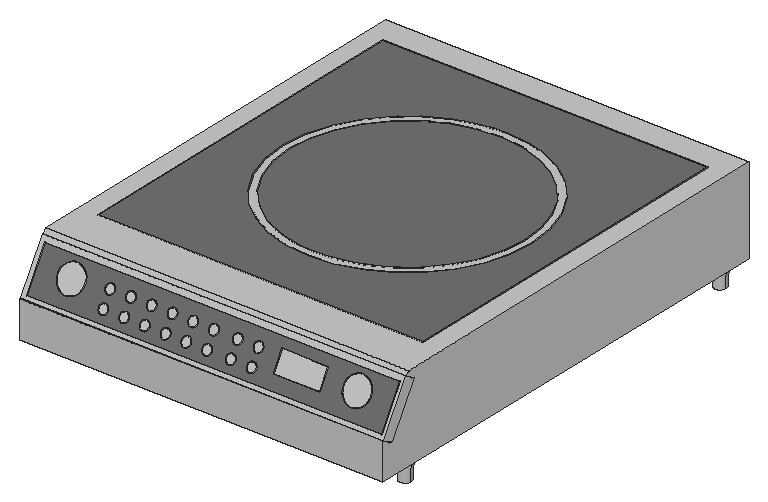
Revit family "QF_Vollrath_6950020", category Specialty Equipment, Revit 2016
Family settings
  Part Type = Normal
  Round Connector Dimension = Use Diameter
  OmniClass Number = 23.40.40.14.17.14
  OmniClass Title = Hot Plates
  Work Plane-Based = No
  Always vertical = Yes
  Cut with Voids When Loaded = No
  Shared = No
  Room Calculation Point = No
Parameters (values of type "6950020")
  Weight in Pounds = 16
  Watts = 1800 W
  Watermarked By = "http://revitwatermark.com"
  Volts = 120 V
  URL Cutsheet = ""
  URL = "www.vollrathco.com"
  Status [instance] = ""
  Specification by User [instance] = ""
  Specification by Manufacturer = ""
  Serial Number [instance] = ""
  Seismic Rating [instance] = ""
  Revision Code [instance] = ""
  Phase = 1
  Number of Poles [instance] = 1
  NAFEM Spec ID Number [instance] = ""
  Model = "6950020"
  Masterspec = ""
  Manufacturer = "Vollrath"
  Item Number [instance] = ""
  Installed By [instance] = ""
  Height AFF [instance] = 36.00"
  Furnished By [instance] = ""
  Foodservice Equipment Identifier [instance] = yes
  FL Amps = 15 A
  Electrical Remarks [instance] = ""
  Electric Connection Type [instance] = ""
  Elec Conn RI Height [instance] = 0.00"
  Elec Conn Connection Height [instance] = Height AFF + 2.00"  # 38.00"
  Description = "Induction Range, Countertop"
  Cycle = 60 Hz
  Conn Plug = "NEMA 5-15P"
  CSI MasterFormat = "11 42 13"
  Assembly Code = "E1090320"
  Apparent Power = if(Phase = 3, Volts * FL Amps * 1.73, Volts * FL Amps)  # 1800 VA
Reference planes (in)
  plane 1: z = 0
  plane 2 "LEFT": x = 48
  plane 3 "BACK": y = -50.065
  plane 4 "BOTTOM": z = 36
  plane 5 "FRONT": y = -66.565
  plane 6 "TOP": z = 40
  plane 7: z = 36.88
  plane 8: y = -46.065
  plane 9: z = 37.38
  plane 10: z = 13.68
  plane 11: z = 39.28691
  plane 12 "RIGHT": x = 61.125
  plane 13: x = 60.97678
  plane 14: y = -63.895
  plane 15: x = 60.375
Forms (in)
  Blend 1, solid, material "QF_Finishes_Stainless Steel"
    base sketch origin (0, 0, 0) x (1, 0, 0) y (0, 1, 0)
      loop
        circle (48.59304, -50.57669) r 0.20891
    top sketch origin (0, 0, 0) x (1, 0, 0) y (0, 1, 0)
      loop
        circle (48.59304, -50.57669) r 0.25
    from 36 to 36.88
  Blend 2, solid, material "QF_Finishes_Stainless Steel"
    base sketch origin (0, -16.25, 0) x (1, 0, 0) y (0, 1, 0)
      loop
        circle (48.59304, -48.57669) r 0.20891
    top sketch origin (0, -16.25, 0) x (1, 0, 0) y (0, 1, 0)
      loop
        circle (48.59304, -48.57669) r 0.25
    from 36 to 36.88
  Extrusion 3, solid, material "QF_Finishes_Stainless Steel"
    sketch origin (48, 0, -0.15599) x (0, 1, 0) y (0, 0, 1)
      loop
        line (-63.895, 40.15599) -> (-65.42951, 40.15599) -> (-65.51415, 40.0094) -> (-65.19261, 39.82376) -> (-66.16748, 38.13523) -> (-66.565, 38.36474) -> (-66.565, 37.03599) -> (-63.895, 37.03599) -> (-63.895, 40.15599)
    from 0 to 13.125
  Blend 4, solid, material "QF_Finishes_Stainless Steel"
    base sketch origin (14.75, 0, 0) x (1, 0, 0) y (0, 1, 0)
      loop
        circle (45.76982, -50.57669) r 0.20891
    top sketch origin (14.75, 0, 0) x (1, 0, 0) y (0, 1, 0)
      loop
        circle (45.76982, -50.57669) r 0.25
    from 36 to 36.88
  Blend 5, solid, material "QF_Finishes_Stainless Steel"
    base sketch origin (14.75, -16.25, 0) x (1, 0, 0) y (0, 1, 0)
      loop
        circle (45.76982, -48.57669) r 0.20891
    top sketch origin (14.75, -16.25, 0) x (1, 0, 0) y (0, 1, 0)
      loop
        circle (45.76982, -48.57669) r 0.25
    from 36 to 36.88
  Extrusion 6, solid, material "QF_Finishes_Stainless Steel"
    sketch origin (0, 0, 0) x (1, 0, 0) y (0, 1, 0)
      loop
        line (48, -50.065) -> (48, -65.13316) -> (61.125, -65.13316) -> (61.125, -50.065) -> (48, -50.065)
      loop
        circle (54.75625, -57.51074) r 4.5
      loop
        circle (54.75625, -57.51074) r 4.25
      loop
        line (48.66604, -51.00578) -> (48.66604, -64.765) -> (60.41604, -64.765) -> (60.41604, -51.00578) -> (48.66604, -51.00578)
    from 36.88 to 40
  Extrusion 7, solid, material "QF_Finishes_Dark Grey"
    sketch origin (0, -0.55922, 0) x (1, 0, 0) y (0, 1, 0)
      loop
        line (48.66604, -50.44655) -> (48.66604, -63.33578) -> (60.41604, -63.33578) -> (60.41604, -50.44655) -> (48.66604, -50.44655)
      loop
        circle (54.75625, -56.95152) r 4.5
      loop
        circle (54.75625, -56.95152) r 4.25
    from 40 to 36.88
  Extrusion 8, solid, material "QF_Finishes_Stainless Steel"
    sketch origin (0, -64.56679, 17.52166) x (1, 0, 0) y (0, 0.5, 0.866025)
      loop
        circle (49.3871, 17.97648) r 0.5
      loop
        circle (50.73528, 17.50291) r 0.16823
      loop
        circle (51.48528, 17.50291) r 0.16823
      loop
        circle (51.48528, 18.10865) r 0.16823
      loop
        circle (52.23528, 18.10865) r 0.16823
      loop
        circle (52.23528, 17.50291) r 0.16823
      loop
        circle (52.98528, 17.50291) r 0.16823
      loop
        circle (52.98528, 18.10865) r 0.16823
      loop
        circle (53.73528, 18.10865) r 0.16823
      loop
        circle (53.73528, 17.50291) r 0.16823
      loop
        circle (54.48528, 17.50291) r 0.16823
      loop
        circle (54.48528, 18.10865) r 0.16823
      loop
        circle (55.34478, 18.10865) r 0.16823
      loop
        circle (55.34478, 17.50291) r 0.16823
      loop
        circle (56.09478, 18.10865) r 0.16823
      loop
        circle (56.09478, 17.50291) r 0.16823
      loop
        line (58.53358, 18.32013) -> (56.86818, 18.32013) -> (56.86818, 17.57013) -> (58.53358, 17.57013) -> (58.53358, 18.32013)
      loop
        circle (59.72315, 17.97648) r 0.5
      loop
        circle (50.73528, 18.10865) r 0.16823
    from 11.61014 to 12
  Extrusion 9, solid, material "QF_Finishes_Grey"
    sketch origin (0, -64.56679, 17.52166) x (1, 0, 0) y (0, 0.5, 0.866025)
      loop
        line (48.14465, 18.66908) -> (48.14465, 17.06023) -> (60.97678, 17.06023) -> (60.97678, 18.66908) -> (48.14465, 18.66908)
      loop
        circle (49.3871, 17.97648) r 0.5
      loop
        circle (50.73528, 18.10865) r 0.16823
      loop
        circle (50.73528, 17.50291) r 0.16823
      loop
        circle (51.48528, 18.10865) r 0.16823
      loop
        circle (51.48528, 17.50291) r 0.16823
      loop
        circle (52.23528, 18.10865) r 0.16823
      loop
        circle (52.23528, 17.50291) r 0.16823
      loop
        circle (52.98528, 18.10865) r 0.16823
      loop
        circle (52.98528, 17.50291) r 0.16823
      loop
        circle (53.73528, 18.10865) r 0.16823
      loop
        circle (53.73528, 17.50291) r 0.16823
      loop
        circle (54.48528, 18.10865) r 0.16823
      loop
        circle (54.48528, 17.50291) r 0.16823
      loop
        circle (55.34478, 18.10865) r 0.16823
      loop
        circle (55.34478, 17.50291) r 0.16823
      loop
        circle (56.09478, 18.10865) r 0.16823
      loop
        circle (56.09478, 17.50291) r 0.16823
      loop
        line (56.86818, 18.32013) -> (56.86818, 17.57013) -> (58.53358, 17.57013) -> (58.53358, 18.32013) -> (56.86818, 18.32013)
      loop
        circle (59.72315, 17.97648) r 0.5
    from 11.61014 to 12
  Extrusion 10, solid, material "QF_Finishes_Stainless Steel"
    sketch origin (0, -64.9632, 17.50536) x (1, 0, 0) y (0, 0.515038, 0.857167)
      loop
        circle (49.3871, 17.97648) r 0.5
      loop
        circle (50.73528, 17.50291) r 0.16823
      loop
        circle (51.48528, 17.50291) r 0.16823
      loop
        circle (51.48528, 18.10865) r 0.16823
      loop
        circle (52.23528, 18.10865) r 0.16823
      loop
        circle (52.23528, 17.50291) r 0.16823
      loop
        circle (52.98528, 17.50291) r 0.16823
      loop
        circle (52.98528, 18.10865) r 0.16823
      loop
        circle (53.73528, 18.10865) r 0.16823
      loop
        circle (53.73528, 17.50291) r 0.16823
      loop
        circle (54.48528, 17.50291) r 0.16823
      loop
        circle (54.48528, 18.10865) r 0.16823
      loop
        circle (55.34478, 18.10865) r 0.16823
      loop
        circle (55.34478, 17.50291) r 0.16823
      loop
        circle (56.09478, 18.10865) r 0.16823
      loop
        circle (56.09478, 17.50291) r 0.16823
      loop
        line (58.53358, 18.32013) -> (56.86818, 18.32013) -> (56.86818, 17.57013) -> (58.53358, 17.57013) -> (58.53358, 18.32013)
      loop
        circle (59.72315, 17.97648) r 0.5
      loop
        circle (50.73528, 18.10865) r 0.16823
    from 11.61014 to 12
  Extrusion 11, solid, material "QF_Finishes_Grey"
    sketch origin (0, -64.9632, 17.50536) x (1, 0, 0) y (0, 0.515038, 0.857167)
      loop
        line (48.14465, 18.66908) -> (48.14465, 17.06023) -> (60.97678, 17.06023) -> (60.97678, 18.66908) -> (48.14465, 18.66908)
      loop
        circle (49.3871, 17.97648) r 0.5
      loop
        circle (50.73528, 18.10865) r 0.16823
      loop
        circle (50.73528, 17.50291) r 0.16823
      loop
        circle (51.48528, 18.10865) r 0.16823
      loop
        circle (51.48528, 17.50291) r 0.16823
      loop
        circle (52.23528, 18.10865) r 0.16823
      loop
        circle (52.23528, 17.50291) r 0.16823
      loop
        circle (52.98528, 18.10865) r 0.16823
      loop
        circle (52.98528, 17.50291) r 0.16823
      loop
        circle (53.73528, 18.10865) r 0.16823
      loop
        circle (53.73528, 17.50291) r 0.16823
      loop
        circle (54.48528, 18.10865) r 0.16823
      loop
        circle (54.48528, 17.50291) r 0.16823
      loop
        circle (55.34478, 18.10865) r 0.16823
      loop
        circle (55.34478, 17.50291) r 0.16823
      loop
        circle (56.09478, 18.10865) r 0.16823
      loop
        circle (56.09478, 17.50291) r 0.16823
      loop
        line (56.86818, 18.32013) -> (56.86818, 17.57013) -> (58.53358, 17.57013) -> (58.53358, 18.32013) -> (56.86818, 18.32013)
      loop
        circle (59.72315, 17.97648) r 0.5
    from 11.61014 to 12
  Extrusion 12, solid, material "QF_Finishes_Stainless Steel"
    sketch origin (0, -58.85409, 5.27063) x (1, 0, 0) y (0, 0.515038, 0.857167)
      loop
        line (48.14465, 26.00986) -> (48.14465, 24.40101) -> (60.97678, 24.40101) -> (60.97678, 26.00986) -> (48.14465, 26.00986)
      loop
        line (48, 26.21304) -> (48, 24.28924) -> (61.125, 24.28924) -> (61.125, 26.21304) -> (48, 26.21304)
    from 23.14803 to 23.53789
  Extrusion 13, solid, material "QF_Finishes_Stainless Steel", not visible
    sketch origin (0, -64.56679, 3.83166) x (1, 0, 0) y (0, 0.5, 0.866025)
      loop
        circle (49.3871, 17.97648) r 0.5
      loop
        circle (50.73528, 17.50291) r 0.16823
      loop
        circle (51.48528, 17.50291) r 0.16823
      loop
        circle (51.48528, 18.10865) r 0.16823
      loop
        circle (52.23528, 18.10865) r 0.16823
      loop
        circle (52.23528, 17.50291) r 0.16823
      loop
        circle (52.98528, 17.50291) r 0.16823
      loop
        circle (52.98528, 18.10865) r 0.16823
      loop
        circle (53.73528, 18.10865) r 0.16823
      loop
        circle (53.73528, 17.50291) r 0.16823
      loop
        circle (54.48528, 17.50291) r 0.16823
      loop
        circle (54.48528, 18.10865) r 0.16823
      loop
        circle (55.34478, 18.10865) r 0.16823
      loop
        circle (55.34478, 17.50291) r 0.16823
      loop
        circle (56.09478, 18.10865) r 0.16823
      loop
        circle (56.09478, 17.50291) r 0.16823
      loop
        line (58.53358, 18.32013) -> (56.86818, 18.32013) -> (56.86818, 17.57013) -> (58.53358, 17.57013) -> (58.53358, 18.32013)
      loop
        circle (59.72315, 17.97648) r 0.5
      loop
        circle (50.73528, 18.10865) r 0.16823
    from 11.61014 to 12
  Extrusion 14, solid, material "QF_Finishes_Grey", not visible
    sketch origin (0, -64.56679, 3.83166) x (1, 0, 0) y (0, 0.5, 0.866025)
      loop
        line (48.14465, 18.66908) -> (48.14465, 17.06023) -> (60.97678, 17.06023) -> (60.97678, 18.66908) -> (48.14465, 18.66908)
      loop
        circle (49.3871, 17.97648) r 0.5
      loop
        circle (50.73528, 18.10865) r 0.16823
      loop
        circle (50.73528, 17.50291) r 0.16823
      loop
        circle (51.48528, 18.10865) r 0.16823
      loop
        circle (51.48528, 17.50291) r 0.16823
      loop
        circle (52.23528, 18.10865) r 0.16823
      loop
        circle (52.23528, 17.50291) r 0.16823
      loop
        circle (52.98528, 18.10865) r 0.16823
      loop
        circle (52.98528, 17.50291) r 0.16823
      loop
        circle (53.73528, 18.10865) r 0.16823
      loop
        circle (53.73528, 17.50291) r 0.16823
      loop
        circle (54.48528, 18.10865) r 0.16823
      loop
        circle (54.48528, 17.50291) r 0.16823
      loop
        circle (55.34478, 18.10865) r 0.16823
      loop
        circle (55.34478, 17.50291) r 0.16823
      loop
        circle (56.09478, 18.10865) r 0.16823
      loop
        circle (56.09478, 17.50291) r 0.16823
      loop
        line (56.86818, 18.32013) -> (56.86818, 17.57013) -> (58.53358, 17.57013) -> (58.53358, 18.32013) -> (56.86818, 18.32013)
      loop
        circle (59.72315, 17.97648) r 0.5
    from 11.61014 to 12
  Extrusion 15, solid, material "QF_Finishes_Stainless Steel", not visible
    sketch origin (0, -64.9632, 3.81536) x (1, 0, 0) y (0, 0.515038, 0.857167)
      loop
        circle (49.3871, 17.97648) r 0.5
      loop
        circle (50.73528, 17.50291) r 0.16823
      loop
        circle (51.48528, 17.50291) r 0.16823
      loop
        circle (51.48528, 18.10865) r 0.16823
      loop
        circle (52.23528, 18.10865) r 0.16823
      loop
        circle (52.23528, 17.50291) r 0.16823
      loop
        circle (52.98528, 17.50291) r 0.16823
      loop
        circle (52.98528, 18.10865) r 0.16823
      loop
        circle (53.73528, 18.10865) r 0.16823
      loop
        circle (53.73528, 17.50291) r 0.16823
      loop
        circle (54.48528, 17.50291) r 0.16823
      loop
        circle (54.48528, 18.10865) r 0.16823
      loop
        circle (55.34478, 18.10865) r 0.16823
      loop
        circle (55.34478, 17.50291) r 0.16823
      loop
        circle (56.09478, 18.10865) r 0.16823
      loop
        circle (56.09478, 17.50291) r 0.16823
      loop
        line (58.53358, 18.32013) -> (56.86818, 18.32013) -> (56.86818, 17.57013) -> (58.53358, 17.57013) -> (58.53358, 18.32013)
      loop
        circle (59.72315, 17.97648) r 0.5
      loop
        circle (50.73528, 18.10865) r 0.16823
    from 11.61014 to 12
  Extrusion 16, solid, material "QF_Finishes_Grey", not visible
    sketch origin (0, -64.9632, 3.81536) x (1, 0, 0) y (0, 0.515038, 0.857167)
      loop
        line (48.14465, 18.66908) -> (48.14465, 17.06023) -> (60.97678, 17.06023) -> (60.97678, 18.66908) -> (48.14465, 18.66908)
      loop
        circle (49.3871, 17.97648) r 0.5
      loop
        circle (50.73528, 18.10865) r 0.16823
      loop
        circle (50.73528, 17.50291) r 0.16823
      loop
        circle (51.48528, 18.10865) r 0.16823
      loop
        circle (51.48528, 17.50291) r 0.16823
      loop
        circle (52.23528, 18.10865) r 0.16823
      loop
        circle (52.23528, 17.50291) r 0.16823
      loop
        circle (52.98528, 18.10865) r 0.16823
      loop
        circle (52.98528, 17.50291) r 0.16823
      loop
        circle (53.73528, 18.10865) r 0.16823
      loop
        circle (53.73528, 17.50291) r 0.16823
      loop
        circle (54.48528, 18.10865) r 0.16823
      loop
        circle (54.48528, 17.50291) r 0.16823
      loop
        circle (55.34478, 18.10865) r 0.16823
      loop
        circle (55.34478, 17.50291) r 0.16823
      loop
        circle (56.09478, 18.10865) r 0.16823
      loop
        circle (56.09478, 17.50291) r 0.16823
      loop
        line (56.86818, 18.32013) -> (56.86818, 17.57013) -> (58.53358, 17.57013) -> (58.53358, 18.32013) -> (56.86818, 18.32013)
      loop
        circle (59.72315, 17.97648) r 0.5
    from 11.61014 to 12
  Extrusion 17, solid, material "QF_Finishes_Stainless Steel", not visible
    sketch origin (0, -58.85409, -8.41937) x (1, 0, 0) y (0, 0.515038, 0.857167)
      loop
        line (48.14465, 26.00986) -> (48.14465, 24.40101) -> (60.97678, 24.40101) -> (60.97678, 26.00986) -> (48.14465, 26.00986)
      loop
        line (48, 26.21304) -> (48, 24.28924) -> (61.125, 24.28924) -> (61.125, 26.21304) -> (48, 26.21304)
    from 23.14803 to 23.53789
  Extrusion 18, solid, material "QF_Finishes_Stainless Steel"
    sketch origin (-11.5, -50.065, 0) x (1, 0, 0) y (0, 0, 1)
      loop
        circle (60.375, 37.38) r 0.25
    from 0 to -0.16784
  Extrusion 19, solid, material "QF_Finishes_Clearances", detail levels coarse
    sketch origin (0, 0, 0) x (1, 0, 0) y (0, 1, 0)
      loop
        line (48, -46.065) -> (48, -50.065) -> (61.125, -50.065) -> (61.125, -46.065) -> (48, -46.065)
    from 36 to 40
Cuts and joins
  joined: Extrusion 3, Extrusion 6
Lines and regions (in)
  symbolic lines
    curve 1: line (61.125, -50.065, 0) -> (48, -50.065, 0)
    curve 2: line (48, -50.065, 0) -> (48, -66.565, 0)
    curve 3: line (61.125, -66.565, 0) -> (61.125, -50.065, 0)
    curve 4: line (61.125, -65.19261, 0) -> (48, -65.19261, 0)
    curve 5: line (48, -66.565, 0) -> (61.125, -66.565, 0)
    curve 6: arc (50.25625, -57.71074, 0) -> (54.75625, -53.21074, 0) -> (59.25625, -57.71074, 0) r 4.5
    curve 7: arc (59.00625, -57.71074, 0) -> (54.75625, -53.46074, 0) -> (50.50625, -57.71074, 0) r 4.25
    curve 8: arc (50.50625, -57.71074, 0) -> (54.75625, -61.96074, 0) -> (59.00625, -57.71074, 0) r 4.25
    curve 9: arc (59.25625, -57.71074, 0) -> (54.75625, -62.21074, 0) -> (50.25625, -57.71074, 0) r 4.5
    curve 10: line (60.41604, -51.00578, 0) -> (48.66604, -51.00578, 0)
    curve 11: line (60.41604, -63.895, 0) -> (60.41604, -51.00578, 0)
    curve 12: line (48.66604, -51.00578, 0) -> (48.66604, -63.895, 0)
    curve 13: line (60.41604, -63.895, 0) -> (48.66604, -63.895, 0)
Dimensions and locks (in)
  "Height AFF": plane 4 "BOTTOM" to level
  plane 5 "FRONT" to plane 3 "BACK" = 16.50"
  locked: plane 3 "BACK" to plane 8 at 4
  plane 7 to plane 4 "BOTTOM" = 0.88"
  Blend 1 sketch curve to plane 3 "BACK" = 0.51168"
  locked: Blend 1 sketch curve to plane 3 "BACK" at 0.51168
  plane 6 "TOP" to plane 7 = 3.12"
  locked: plane 9 to plane 7 at 0.5
  locked: plane 6 "TOP" to plane 11 at 0.71309
  plane 2 "LEFT" to plane 12 "RIGHT" = 13.125"
  locked: plane 6 "TOP" to Extrusion 9 at 0.61265
  locked: plane 6 "TOP" to Extrusion 12 at 0.1375
  aligned and locked: level to plane 1
  aligned and locked: plane 7 to Blend 2
  aligned and locked: Blend 2 to plane 4 "BOTTOM"
  aligned and locked: plane 7 to Blend 1
  aligned and locked: Blend 1 to plane 4 "BOTTOM"
  aligned and locked: plane 7 to Blend 5
  aligned and locked: Blend 5 to plane 4 "BOTTOM"
  aligned and locked: plane 7 to Blend 4
  aligned and locked: Blend 4 to plane 4 "BOTTOM"
  aligned and locked: plane 6 "TOP" to Extrusion 6
  aligned and locked: Extrusion 6 to plane 7
  aligned and locked: plane 7 to Extrusion 7
  aligned and locked: plane 6 "TOP" to Extrusion 7
  aligned and locked: plane 2 "LEFT" to Extrusion 19 sketch curve
  aligned and locked: Extrusion 19 sketch curve to cut or joined group of Extrusion 3, Extrusion 6  (x2)
  aligned and locked: plane 6 "TOP" to Extrusion 19
  aligned and locked: Extrusion 19 to plane 4 "BOTTOM"
Automatic sketch dimensions
  plane 2 "LEFT" to Blend 1 sketch curve = 0.59304"  (x2)
  plane 2 "LEFT" to Blend 2 sketch curve = 0.59304"  (x2)
  plane 5 "FRONT" to Blend 2 sketch curve = 1.73832"  (x2)
  Extrusion 3 sketch curve to plane 5 "FRONT" = 0.00"
  Extrusion 3 sketch curve to plane 6 "TOP" = 0.00"
  Extrusion 3 sketch curve to plane 7 = 0.00"
  plane 5 "FRONT" to Extrusion 3 sketch curve = 0.39752"
  Extrusion 3 sketch curve to plane 6 "TOP" = 0.14659"
  plane 5 "FRONT" to Extrusion 3 sketch curve = 1.05085"
  Extrusion 3 sketch curve to Extrusion 3 sketch curve = 0.08463"
  Extrusion 3 sketch curve to plane 6 "TOP" = 0.33223"
  Extrusion 3 sketch curve to Extrusion 3 sketch curve = 2.27248"
  plane 13 to Blend 4 sketch curve = 0.45696"  (x2)
  plane 3 "BACK" to Blend 4 sketch curve = 0.51168"  (x2)
  plane 13 to Blend 5 sketch curve = 0.45696"  (x2)
  plane 5 "FRONT" to Blend 5 sketch curve = 1.73832"  (x2)
  Extrusion 6 sketch curve to Extrusion 6 sketch curve = 0.00"  (x2)
  Extrusion 6 sketch curve to plane 2 "LEFT" = 0.00"
  plane 3 "BACK" to Extrusion 6 sketch curve = 0.00"
  Extrusion 6 sketch curve to plane 12 "RIGHT" = 0.00"
  plane 2 "LEFT" to Extrusion 6 sketch curve = 0.66604"
  plane 13 to Extrusion 6 sketch curve = 6.22053"
  plane 13 to Extrusion 6 sketch curve = 0.56073"
  plane 3 "BACK" to Extrusion 6 sketch curve = 0.94078"
  plane 3 "BACK" to Extrusion 6 sketch curve = 7.44574"
  plane 5 "FRONT" to Extrusion 6 sketch curve = 1.80"
  Extrusion 6 sketch curve to Extrusion 6 sketch curve = 0.36816"
  Extrusion 7 sketch curve to Extrusion 7 sketch curve = 0.00"  (x12)
  plane 2 "LEFT" to Extrusion 7 sketch curve = 0.66604"
  plane 2 "LEFT" to Extrusion 7 sketch curve = 2.25625"
  Extrusion 7 sketch curve to Extrusion 7 sketch curve = 0.25"
  Extrusion 7 sketch curve to Extrusion 7 sketch curve = 4.25"
  plane 13 to Extrusion 7 sketch curve = 0.56073"
  plane 5 "FRONT" to Extrusion 7 sketch curve = 2.67"
  plane 3 "BACK" to Extrusion 7 sketch curve = 7.44574"
  plane 3 "BACK" to Extrusion 7 sketch curve = 0.94078"
  Extrusion 8 sketch curve to Extrusion 8 sketch curve = 0.50"  (x2)
  Extrusion 8 sketch curve to Extrusion 8 sketch curve = 0.67995"
  Extrusion 8 sketch curve to Extrusion 8 sketch curve = 0.00"  (x48)
  Extrusion 8 sketch curve to Extrusion 8 sketch curve = 0.16823"  (x16)
  Extrusion 8 sketch curve to Extrusion 8 sketch curve = 0.41354"  (x12)
  Extrusion 8 sketch curve to Extrusion 8 sketch curve = 0.52304"  (x2)
  Extrusion 8 sketch curve to Extrusion 8 sketch curve = 0.60517"
  Extrusion 8 sketch curve to Extrusion 8 sketch curve = 1.6654"
  Extrusion 8 sketch curve to Extrusion 8 sketch curve = 0.68957"
  Extrusion 8 sketch curve to Extrusion 8 sketch curve = 0.06722"
  Extrusion 8 sketch curve to Extrusion 8 sketch curve = 0.40635"
  Extrusion 8 sketch curve to Extrusion 8 sketch curve = 0.47357"
  Extrusion 8 sketch curve to Extrusion 8 sketch curve = 0.60574"  (x4)
  Extrusion 8 sketch curve to Extrusion 8 sketch curve = 0.21148"
  Extrusion 9 sketch curve to Extrusion 9 sketch curve = 0.50"  (x2)
  Extrusion 9 sketch curve to Extrusion 9 sketch curve = 0.68957"
  Extrusion 9 sketch curve to Extrusion 9 sketch curve = 1.6654"
  Extrusion 9 sketch curve to Extrusion 9 sketch curve = 0.60517"
  Extrusion 9 sketch curve to Extrusion 9 sketch curve = 0.00"  (x49)
  Extrusion 9 sketch curve to Extrusion 9 sketch curve = 0.16823"  (x16)
  Extrusion 9 sketch curve to Extrusion 9 sketch curve = 0.41354"  (x12)
  Extrusion 9 sketch curve to Extrusion 9 sketch curve = 0.52304"  (x2)
  Extrusion 9 sketch curve to Extrusion 9 sketch curve = 0.67995"
  Extrusion 9 sketch curve to Extrusion 9 sketch curve = 0.44269"
  Extrusion 9 sketch curve to Extrusion 9 sketch curve = 0.06722"
  Extrusion 9 sketch curve to Extrusion 9 sketch curve = 0.91625"
  Extrusion 9 sketch curve to Extrusion 9 sketch curve = 0.47357"
  Extrusion 9 sketch curve to Extrusion 9 sketch curve = 0.60574"  (x3)
  Extrusion 9 sketch curve to Extrusion 9 sketch curve = 0.21148"
  Extrusion 9 sketch curve to Extrusion 9 sketch curve = 0.6926"
  Extrusion 10 sketch curve to Extrusion 10 sketch curve = 0.50"  (x2)
  Extrusion 10 sketch curve to Extrusion 10 sketch curve = 0.67995"
  Extrusion 10 sketch curve to Extrusion 10 sketch curve = 0.00"  (x48)
  Extrusion 10 sketch curve to Extrusion 10 sketch curve = 0.16823"  (x16)
  Extrusion 10 sketch curve to Extrusion 10 sketch curve = 0.41354"  (x12)
  Extrusion 10 sketch curve to Extrusion 10 sketch curve = 0.52304"  (x2)
  Extrusion 10 sketch curve to Extrusion 10 sketch curve = 0.60517"
  Extrusion 10 sketch curve to Extrusion 10 sketch curve = 1.6654"
  Extrusion 10 sketch curve to Extrusion 10 sketch curve = 0.68957"
  Extrusion 10 sketch curve to Extrusion 10 sketch curve = 0.60574"  (x4)
  Extrusion 11 sketch curve to Extrusion 11 sketch curve = 0.50"  (x2)
  Extrusion 11 sketch curve to Extrusion 11 sketch curve = 0.68957"
  Extrusion 11 sketch curve to Extrusion 11 sketch curve = 1.6654"
  Extrusion 11 sketch curve to Extrusion 11 sketch curve = 0.60517"
  Extrusion 11 sketch curve to Extrusion 11 sketch curve = 0.00"  (x49)
  Extrusion 11 sketch curve to Extrusion 11 sketch curve = 0.16823"  (x16)
  Extrusion 11 sketch curve to Extrusion 11 sketch curve = 0.41354"  (x12)
  Extrusion 11 sketch curve to Extrusion 11 sketch curve = 0.52304"  (x2)
  Extrusion 11 sketch curve to Extrusion 11 sketch curve = 0.67995"
  Extrusion 12 sketch curve to Extrusion 12 sketch curve = 0.11176"
  Extrusion 10 sketch curve to Extrusion 10 sketch curve = 0.06722"
  Extrusion 10 sketch curve to Extrusion 10 sketch curve = 0.40635"
  Extrusion 10 sketch curve to Extrusion 10 sketch curve = 0.13217"
  Extrusion 10 sketch curve to Extrusion 10 sketch curve = 0.21148"
  Extrusion 11 sketch curve to Extrusion 11 sketch curve = 0.44269"
  Extrusion 11 sketch curve to Extrusion 11 sketch curve = 0.06722"
  Extrusion 11 sketch curve to Extrusion 11 sketch curve = 0.91625"
  Extrusion 11 sketch curve to Extrusion 11 sketch curve = 0.47357"
  Extrusion 11 sketch curve to Extrusion 11 sketch curve = 0.60574"  (x3)
  Extrusion 11 sketch curve to Extrusion 11 sketch curve = 0.21148"
  Extrusion 11 sketch curve to Extrusion 11 sketch curve = 0.6926"
  Extrusion 12 sketch curve to Extrusion 12 sketch curve = 1.60885"
  Extrusion 12 sketch curve to Extrusion 12 sketch curve = 0.20318"
  Extrusion 11 sketch curve to Extrusion 11 sketch curve = 0.74244"
  Extrusion 11 sketch curve to Extrusion 11 sketch curve = 0.75362"
  Extrusion 12 sketch curve to Extrusion 12 sketch curve = 0.14465"
  Extrusion 12 sketch curve to Extrusion 12 sketch curve = 12.83212"
  Extrusion 12 sketch curve to Extrusion 12 sketch curve = 0.14822"
  Extrusion 9 sketch curve to Extrusion 9 sketch curve = 0.74244"
  Extrusion 9 sketch curve to Extrusion 9 sketch curve = 0.75362"
  Extrusion 13 sketch curve to Extrusion 13 sketch curve = 0.50"  (x2)
  Extrusion 13 sketch curve to Extrusion 13 sketch curve = 0.67995"
  Extrusion 13 sketch curve to Extrusion 13 sketch curve = 0.00"  (x48)
  Extrusion 13 sketch curve to Extrusion 13 sketch curve = 0.16823"  (x16)
  Extrusion 13 sketch curve to Extrusion 13 sketch curve = 0.41354"  (x12)
  Extrusion 13 sketch curve to Extrusion 13 sketch curve = 0.52304"  (x2)
  Extrusion 13 sketch curve to Extrusion 13 sketch curve = 0.60517"
  Extrusion 13 sketch curve to Extrusion 13 sketch curve = 1.6654"
  Extrusion 13 sketch curve to Extrusion 13 sketch curve = 0.68957"
  Extrusion 13 sketch curve to Extrusion 13 sketch curve = 0.06722"
  Extrusion 13 sketch curve to Extrusion 13 sketch curve = 0.40635"
  Extrusion 13 sketch curve to Extrusion 13 sketch curve = 0.47357"
  Extrusion 13 sketch curve to Extrusion 13 sketch curve = 0.60574"  (x4)
  Extrusion 13 sketch curve to Extrusion 13 sketch curve = 0.21148"
  Extrusion 14 sketch curve to Extrusion 14 sketch curve = 0.50"  (x2)
  Extrusion 14 sketch curve to Extrusion 14 sketch curve = 0.68957"
  Extrusion 14 sketch curve to Extrusion 14 sketch curve = 1.6654"
  Extrusion 14 sketch curve to Extrusion 14 sketch curve = 0.60517"
  Extrusion 14 sketch curve to Extrusion 14 sketch curve = 0.00"  (x49)
  Extrusion 14 sketch curve to Extrusion 14 sketch curve = 0.16823"  (x16)
  Extrusion 14 sketch curve to Extrusion 14 sketch curve = 0.41354"  (x12)
  Extrusion 14 sketch curve to Extrusion 14 sketch curve = 0.52304"  (x2)
  Extrusion 14 sketch curve to Extrusion 14 sketch curve = 0.67995"
  Extrusion 14 sketch curve to Extrusion 14 sketch curve = 0.44269"
  Extrusion 14 sketch curve to Extrusion 14 sketch curve = 0.06722"
  Extrusion 14 sketch curve to Extrusion 14 sketch curve = 0.91625"
  Extrusion 14 sketch curve to Extrusion 14 sketch curve = 0.47357"
  Extrusion 14 sketch curve to Extrusion 14 sketch curve = 0.60574"  (x3)
  Extrusion 14 sketch curve to Extrusion 14 sketch curve = 0.21148"
  Extrusion 14 sketch curve to Extrusion 14 sketch curve = 0.6926"
  Extrusion 15 sketch curve to Extrusion 15 sketch curve = 0.50"  (x2)
  Extrusion 15 sketch curve to Extrusion 15 sketch curve = 0.67995"
  Extrusion 15 sketch curve to Extrusion 15 sketch curve = 0.00"  (x48)
  Extrusion 15 sketch curve to Extrusion 15 sketch curve = 0.16823"  (x16)
  Extrusion 15 sketch curve to Extrusion 15 sketch curve = 0.41354"  (x12)
  Extrusion 15 sketch curve to Extrusion 15 sketch curve = 0.52304"  (x2)
  Extrusion 15 sketch curve to Extrusion 15 sketch curve = 0.60517"
  Extrusion 15 sketch curve to Extrusion 15 sketch curve = 1.6654"
  Extrusion 15 sketch curve to Extrusion 15 sketch curve = 0.68957"
  Extrusion 15 sketch curve to Extrusion 15 sketch curve = 0.60574"  (x4)
  Extrusion 16 sketch curve to Extrusion 16 sketch curve = 0.50"  (x2)
  Extrusion 16 sketch curve to Extrusion 16 sketch curve = 0.68957"
  Extrusion 16 sketch curve to Extrusion 16 sketch curve = 1.6654"
  Extrusion 16 sketch curve to Extrusion 16 sketch curve = 0.60517"
  Extrusion 16 sketch curve to Extrusion 16 sketch curve = 0.00"  (x49)
  Extrusion 16 sketch curve to Extrusion 16 sketch curve = 0.16823"  (x16)
  Extrusion 16 sketch curve to Extrusion 16 sketch curve = 0.41354"  (x12)
  Extrusion 16 sketch curve to Extrusion 16 sketch curve = 0.52304"  (x2)
  Extrusion 16 sketch curve to Extrusion 16 sketch curve = 0.67995"
  Extrusion 17 sketch curve to Extrusion 17 sketch curve = 0.11176"
  Extrusion 15 sketch curve to Extrusion 15 sketch curve = 0.06722"
  Extrusion 15 sketch curve to Extrusion 15 sketch curve = 0.40635"
  Extrusion 15 sketch curve to Extrusion 15 sketch curve = 0.13217"
  Extrusion 15 sketch curve to Extrusion 15 sketch curve = 0.21148"
  Extrusion 16 sketch curve to Extrusion 16 sketch curve = 0.44269"
  Extrusion 16 sketch curve to Extrusion 16 sketch curve = 0.06722"
  Extrusion 16 sketch curve to Extrusion 16 sketch curve = 0.91625"
  Extrusion 16 sketch curve to Extrusion 16 sketch curve = 0.47357"
  Extrusion 16 sketch curve to Extrusion 16 sketch curve = 0.60574"  (x3)
  Extrusion 16 sketch curve to Extrusion 16 sketch curve = 0.21148"
  Extrusion 16 sketch curve to Extrusion 16 sketch curve = 0.6926"
  Extrusion 17 sketch curve to Extrusion 17 sketch curve = 1.60885"
  Extrusion 17 sketch curve to Extrusion 17 sketch curve = 0.20318"
  Extrusion 16 sketch curve to Extrusion 16 sketch curve = 0.74244"
  Extrusion 16 sketch curve to Extrusion 16 sketch curve = 0.75362"
  Extrusion 17 sketch curve to Extrusion 17 sketch curve = 0.14465"
  Extrusion 17 sketch curve to Extrusion 17 sketch curve = 12.83212"
  Extrusion 17 sketch curve to Extrusion 17 sketch curve = 0.14822"
  Extrusion 14 sketch curve to Extrusion 14 sketch curve = 0.74244"
  Extrusion 14 sketch curve to Extrusion 14 sketch curve = 0.75362"
  Extrusion 18 sketch curve to plane 9 = 0.00"
  plane 15 to Extrusion 18 sketch curve = 11.50"
  Extrusion 19 sketch curve to plane 8 = 0.00"
  curve 6 to curve 7 = 0.00"  (x2)
  curve 6 to curve 8 = 0.00"  (x2)
  curve 6 to curve 9 = 0.00"  (x2)
  curve 7 to curve 8 = 0.00"  (x2)
  curve 7 to curve 9 = 0.00"  (x2)
  curve 8 to curve 9 = 0.00"  (x2)
  curve 1 to plane 2 "LEFT" = 0.00"
  plane 14 to curve 12 = 0.00"
  plane 3 "BACK" to curve 3 = 0.00"
  curve 3 to plane 12 "RIGHT" = 0.00"
  curve 5 to plane 5 "FRONT" = 0.00"
  plane 2 "LEFT" to curve 10 = 0.66604"
  plane 2 "LEFT" to curve 6 = 2.25625"
  curve 6 to curve 8 = 0.25"
  curve 7 to curve 6 = 4.25"
  curve 13 to plane 15 = 0.04104"
  plane 14 to curve 4 = 1.29761"
  curve 6 to plane 14 = 6.18426"
  plane 3 "BACK" to curve 10 = 0.94078"
  radius of Blend 1 sketch curve = 0.20891"
  radius of Blend 1 sketch curve = 0.25"
  radius of Blend 2 sketch curve = 0.20891"
  radius of Blend 2 sketch curve = 0.25"
  radius of Blend 4 sketch curve = 0.20891"
  radius of Blend 4 sketch curve = 0.25"
  radius of Blend 5 sketch curve = 0.20891"
  radius of Blend 5 sketch curve = 0.25"
  radius of Extrusion 6 sketch curve = 4.50"
  radius of Extrusion 6 sketch curve = 4.25"
  radius of Extrusion 18 sketch curve = 0.25"
Connectors (in)
  electrical at (48.875, -49.89716, 37.38), driven by "Number of Poles", driven by "Volts", driven by "Apparent Power"
    settings: on Extrusion 18, index 1, voltage 120 V, apparent load 1800 VA, apparent load phase1 0 VA, apparent load phase2 0 VA, apparent load phase3 0 VA, power factor 1, load classification "Other", number of poles 1, system type 30, power factor state 1, is connector primary yes, connector utility no, sub classification motor no, connector description "Electric Connection"
